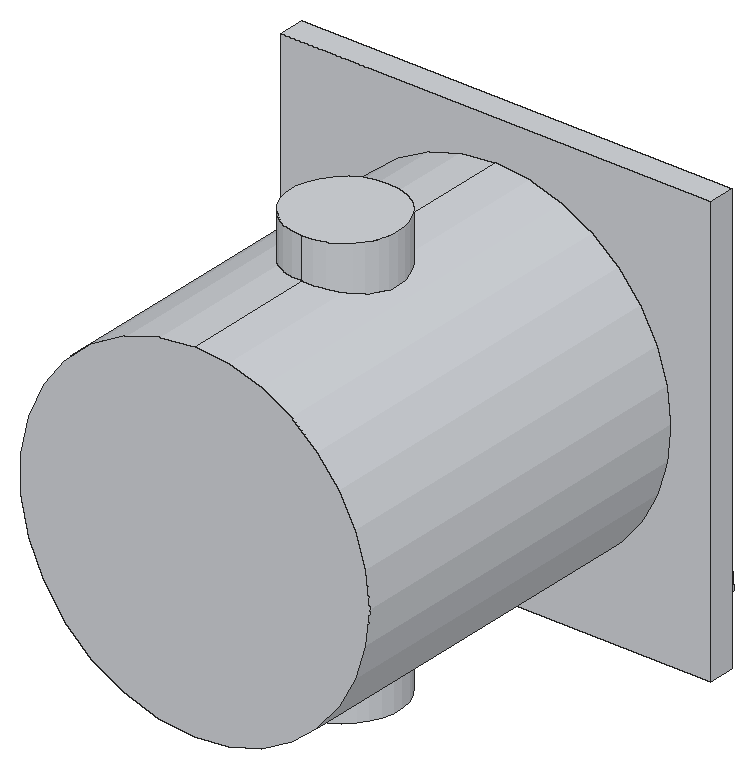
Revit family "LS_Leerfeld_V1700", category Lichtschalter, Revit 2017
Family settings
  Beschriftungsausrichtung beibehalten = Nein
  Bemaßung runder Anschluss = Durchmesser verwenden
  Teiletyp = Schalter
  OmniClass-Nummer = 23.80.70.00
  OmniClass-Titel = Lighting
  Arbeitsebenenbasiert = Nein
  Immer vertikal = Ja
  Beim Laden mit Abzugskörper schneiden = Nein
  Gemeinsam genutzt = Nein
  Raumberechnungspunkt = Nein
Parameters (values of type "Leerfeld")
  pbr_Material_KZ = ""
  pbr_Material = none
  pbr_E_Typ = ""
  pbr_E_KZ = ""
  pbr_DINBild = 0
  pbr_Bild = 0
  pbr_3Dx_Delta_Korrekturversatz [instance] = 0 mm
  pbr_3DX_Versatzfaktor [instance] = 0
  pbr_2DY_Versatzfaktor [instance] = 2
  pbr_2DX_Versatzfaktor [instance] = 2
  lfd_STRK [instance] = 0
  cpiFitMatchKey [instance] = "E-DS"
  Zentrale [instance] = ""
  Typ [instance] = ""
  Text3 [instance] = ""
  Text2 [instance] = ""
  Text1 [instance] = ""
  Schaltgruppe2 [instance] = 0
  Schaltgruppe1 [instance] = 0
  Planungsbüro Rohling = "www.pbr.de"
  Netzart = ""
  Menge(Dosenzahl) [instance] = 0
  Linie/Anschluss [instance] = ""
  Leerfeld = yes
  Lastklassifizierung = none
  Installationsart [instance] = ""
  Info [instance] = ""
  IFC = ""
  Gewerk [instance] = "Schalt"
  Eckversatz [instance] = 0 mm
  YFrontversatz [instance] = if(pbr_2DY_Versatzfaktor = 300, 0 mm, pbr_2DY_Versatzfaktor * 300 mm)  # 600 mm
  XSeitenversatz [instance] = if(pbr_2DX_Versatzfaktor = 0, 3000 mm, 3000 mm + (pbr_2DX_Versatzfaktor * 300 mm)) + Eckversatz  # 3600 mm
  R_Leerrohranschluss = 10 mm
  Niveau [instance] = 1100 mm
  Dosentiefe = 70 mm  # constant formula
  Dosenradius = 65 mm / 2  # 32.5 mm
  D_Leerrohranschluss = 2 * R_Leerrohranschluss  # 20 mm
  Breite = 80 mm
  3DX_Versatzkontrolle [instance] = if(pbr_3DX_Versatzfaktor = 0, (pbr_2DX_Versatzfaktor * -1), (((-1 * pbr_3DX_Versatzfaktor) + pbr_2DX_Versatzfaktor) * -1))  # -2
  3DX_Versatz [instance] = if([3DX_Versatzkontrolle] = 0, 2000 mm, 2000 mm + ([3DX_Versatzkontrolle] * (300 mm - Breite))) + pbr_3Dx_Delta_Korrekturversatz  # 1560 mm
  Platzierrahmen [instance] = no
Reference planes
  plane 1 "Mitte (Vorne/Hinten)": y = 0
  plane 2: z = 0
  plane 3 "Mitte (Links/Rechts)": x = 0
  plane 4: x = -125
  plane 5: x = 125
  plane 6: y = 900
  plane 7 "Schalterhinten": y = 600
  plane 8: x = 0
  plane 9: x = -2000
  plane 10: x = -480
  plane 11: x = -400
  plane 12: z = 1140
  plane 13: z = 1060
  plane 14 "SchalterVorne": y = 5
  plane 15 "3DSchalterMitte": x = -440
  plane 16: z = 1100
  plane 17: y = -70
  plane 18: y = -35
Forms (mm)
  Extrusion 1, solid
    sketch origin (0, 20, 0) x (0, 0, 1) y (-1, 0, 0)
      loop
        line (1060, 480) -> (1060, 400) -> (1140, 400) -> (1140, 480) -> (1060, 480)
    from 15 to 20
  Sweep 2, solid
    path origin (-440, 0, 0) x (0, 0, 1) y (0, -1, 0)
      loop
        line (1100, 0) -> (1100, 70)
    profile origin (-440, -35, 1100) x (0, 0, -1) y (1, 0, 0)
      loop
        circle (0, 0) r 32.5
  Sweep 3, solid
    path origin (0, 0, 0) x (1, 0, 0) y (0, 1, 0)
      loop
        line (-472.5, 0) -> (-407.5, 0)
    profile origin (-440, 0, 0) x (0, 1, 0) y (0, 0, 1)
      loop
        line (5, 1135) -> (5, 1066.102) -> (14.712, 1066.102) -> (7.47, 1135) -> (5, 1135)
  Sweep 4, solid
    path origin (-440, 0, 0) x (0, 0, 1) y (0, -1, 0)
      loop
        line (1060, 35) -> (1140, 35)
    profile origin (-440, -35, 1100) x (0, -1, 0) y (1, 0, 0)
      loop
        circle (0, 0) r 10
Cuts and joins
  joined: Sweep 2, Sweep 4
  joined: Extrusion 1, Sweep 3
Lines and regions (mm)
  model lines, visible <- "Platzierrahmen"
    curve 1: line (-125, 600, 0) -> (125, 600, 0)
    curve 2: line (-125, 900, 0) -> (-125, 600, 0)
    curve 3: line (125, 900, 0) -> (-125, 900, 0)
    curve 4: line (125, 600, 0) -> (125, 900, 0)
Dimensions and locks
  plane 4 to plane 5 = 250 mm
  plane 6 to plane 7 "Schalterhinten" = 300 mm
  equal spacing: plane 4, plane 8, plane 5, locked at 125 each
  "YFrontversatz": plane 1 "Mitte (Vorne/Hinten)" to plane 7 "Schalterhinten"
  plane 11 to plane 10 = 80 mm
  plane 12 to plane 13 = 80 mm
  plane 8 to plane 9 = 2000 mm
  equal spacing: plane 11, plane 15 "3DSchalterMitte", plane 10
  equal spacing: plane 12, plane 16, plane 13
  "Niveau": plane 16 to level
  "Dosentiefe": plane 1 "Mitte (Vorne/Hinten)" to plane 17
  plane 14 "SchalterVorne" to plane 1 "Mitte (Vorne/Hinten)" = 5 mm
  equal spacing: plane 17, plane 18, plane 1 "Mitte (Vorne/Hinten)"
  Sweep 3 sketch curve to plane 12 = 5 mm
  "3DX_Versatz": plane 15 "3DSchalterMitte" to plane 9
  locked: plane 8 to plane 9 at 2000
  "Breite": plane 11 to plane 10
  "Dosenradius": radius of Sweep 2 sketch curve
  "R_Leerrohranschluss": radius of Sweep 4 sketch curve
  aligned and locked: level to plane 2
  aligned and locked: curve 1 to plane 7 "Schalterhinten"
  aligned and locked: curve 2 to plane 4
  aligned and locked: curve 3 to plane 6
  aligned and locked: plane 5 to curve 4
  aligned and locked: Extrusion 1 sketch curve to plane 13
  aligned and locked: Extrusion 1 sketch curve to plane 10
  aligned and locked: Extrusion 1 sketch curve to plane 12
  aligned and locked: plane 11 to Extrusion 1 sketch curve
  aligned and locked: plane 1 "Mitte (Vorne/Hinten)" to Extrusion 1
  aligned and locked: Extrusion 1 to plane 14 "SchalterVorne"
  aligned and locked: plane 3 "Mitte (Links/Rechts)" to nested 1
  aligned and locked: nested 1 to plane 7 "Schalterhinten"
Automatic sketch dimensions
  Sweep 2 sketch curve to plane 16 = 0 mm
  Sweep 2 sketch curve to plane 1 "Mitte (Vorne/Hinten)" = 0 mm
  Sweep 2 sketch curve to plane 17 = 0 mm
  plane 1 "Mitte (Vorne/Hinten)" to Sweep 3 sketch curve = 0 mm
  plane 10 to Sweep 3 sketch curve = 7.5 mm
  Sweep 3 sketch curve to plane 11 = 7.5 mm
  Sweep 3 sketch curve to profile plane = 7.47 mm
  Sweep 3 sketch curve to profile plane = 14.712 mm
  Sweep 3 sketch curve to profile plane = 5 mm
  Sweep 3 sketch curve to Sweep 3 sketch curve = 68.898 mm
  Sweep 4 sketch curve to plane 13 = 0 mm
  plane 12 to Sweep 4 sketch curve = 0 mm
  Sweep 4 sketch curve to plane 18 = 0 mm
  Sweep 2 sketch curve to plane 15 "3DSchalterMitte" = 0 mm
  Sweep 2 sketch curve to profile plane = 0 mm
  Sweep 4 sketch curve to plane 15 "3DSchalterMitte" = 0 mm
  Sweep 4 sketch curve to profile plane = 0 mm
Nested families
  nested 1: "Leerfeld" at (0, 600, 0), type "Leerfeld"
Connectors
  electrical at (-440, -35, 1140)
    settings: on cut or joined group of Sweep 2, Sweep 4, index 3, voltage 230 V, apparent load 0 VA, apparent load phase1 0 VA, apparent load phase2 0 VA, apparent load phase3 0 VA, power factor 1, load classification "Standard", number of poles 1, system type 31, power factor state 1, is connector primary yes, connector utility no, sub classification motor no, connector description ""
  cabletrayconduit at (-440, -35, 1140), diameter 20, driven by "D_Leerrohranschluss"
    settings: on cut or joined group of Sweep 2, Sweep 4, index 4, connector width 300 mm, connector height 300 mm, connector angle 0.00°, system type 32, placement type 0, profile type 0, connector reference index -1, is primary connector yes, connector utility param no, connector description ""
  cabletrayconduit at (-440, -35, 1060), diameter 20, driven by "D_Leerrohranschluss"
    settings: on cut or joined group of Sweep 2, Sweep 4, index 5, connector width 300 mm, connector height 300 mm, connector angle 0.00°, system type 32, placement type 0, profile type 0, connector reference index -1, is primary connector no, connector utility param no, connector description ""
Definition of nested family "Leerfeld"
  Reference planes
    plane 1 "Mitte (Vorne/Hinten)": y = 0
    plane 2: z = 0
    plane 3 "Mitte (Links/Rechts)": x = 0
  Lines and regions (mm)
    detail lines, in view "Referenzebene"
      curve 1: line (-148.439, 0, 0) -> (151.561, 0, 0)
      curve 2: line (151.561, 0, 0) -> (151.561, 300, 0)
      curve 3: line (151.561, 300, 0) -> (-148.439, 300, 0)
      curve 4: line (-148.439, 300, 0) -> (-148.439, 0, 0)
